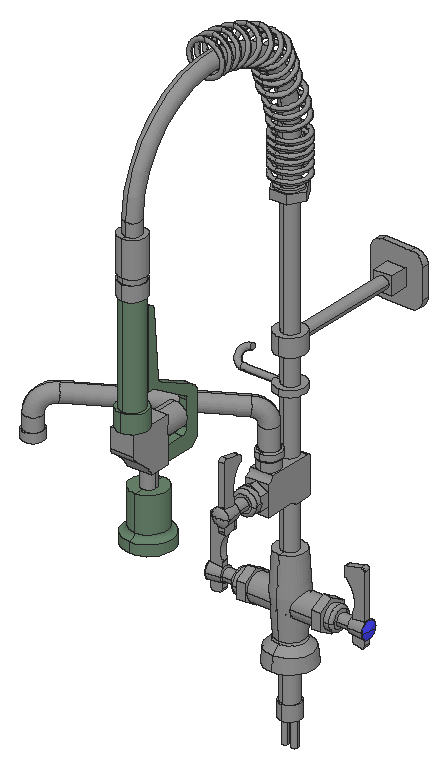
Revit family "Krowne_18-508L_DeckMount_Pre-Rinse_Faucet", category Plumbing Fixtures, Revit 2018
Family settings
  Round Connector Dimension = Use Diameter
  Part Type = Normal
  OmniClass Number = 23.40.40.00
  OmniClass Title = Food Service Equipment and Furnishings
  Work Plane-Based = No
  Always vertical = Yes
  Cut with Voids When Loaded = No
  Shared = No
  Room Calculation Point = No
Parameters (values of type "18-508L")
  Width = 7 1/4"
  Weight in Pounds = 13
  Watermarked By = ""
  URL Cutsheet = ""
  URL = "https://krowne.com/"
  Status [instance] = ""
  Specification by User [instance] = ""
  Specification by Manufacturer [instance] = ""
  Serial Number [instance] = ""
  Revision Code [instance] = ""
  NAFEM Spec ID Number [instance] = ""
  Model = "18-508L"
  Masterspec [instance] = ""
  Manufacturer = "Krowne Metal"
  Item Number [instance] = "-"
  Installed By [instance] = ""
  Hot Water Temperature = 100 °F
  Hot Water Size = 3/8"
  Hot Water RI Height [instance] = 0"
  Hot Water Flow = 1.8 GPM
  Hot Water Connection Height = 0"
  Height = 25 1/4"
  Furnished By [instance] = ""
  Foodservice Equipment Identifier = yes
  Description = "Single Hole Deck Mount Space Saver Pre-Rense (With 8” Spout)"
  Depth = 10"
  Cold Water Size = 3/8"
  Cold Water RI Height [instance] = 0"
  Cold Water Flow = 1.8 GPM
  Cold Water Consumption = ""
  Cold Water Connection Height = 0"
  CSI MasterFormat = ""
  Assembly Code = "E1090300"
Reference planes (in)
  plane 1 "BACK": y = 0
  plane 2: z = 0
  plane 3 "CENTER L/R": x = -12.56573
  plane 4: y = -0.9375
  plane 5: y = -8.5625
  plane 6 "CENTER L/S": x = -10.56573
  plane 7 "CENTER L/T": x = -14.56573
  plane 8 "CENTER L/U": x = -8.94073
  plane 9 "CENTER L/V": x = -16.19073
  plane 10: z = 7.9375
  plane 11: z = 18
  plane 12: z = 25.25
  plane 13: z = 2.25
  plane 14: z = 15.8125
Forms (in)
  Extrusion 1, solid, material "QF_Steel-Chrome-Polished"
    sketch origin (-12.56573, -0.93695, -0.09142) x (0, -1, 0) y (1, 0, 0)
      loop
        circle (0, 0) r 0.34
    from 4.46642 to 18.28793
  Revolve 2, solid, material "QF_Plastic-Hunter Green"
    sketch origin (-12.56573, 4.2975, -5.9625) x (0, -1, 0) y (0, 0, 1)
      loop
        line (13.735, 18.775) -> (14.36, 18.775) -> (14.36, 19.525) -> (14.235, 19.525) -> (14.235, 23.8375) -> (13.735, 23.8375) -> (13.735, 18.775)
      axis (13.735, 18.775) -> (13.735, 23.8375)
    angle from 0 to 360
  Sweep 3, solid, material "QF_Steel-Chrome-Polished"
    path origin (-12.56573, -0.93695, -4.46642) x (0, -1, 0) y (0, 0, 1)
      loop
        line (8.50055, 24.71642) -> (8.50055, 25.26996)
        arc (8.50055, 25.26996) -> (4.30375, 29.51962) -> (0.00188, 25.37634) r 4.25
        arc (0.00188, 25.37634) -> (0.00047, 25.30125) -> (0, 25.22615) r 6
        line (0, 25.22615) -> (0, 22.66293)
    profile origin (-12.56573, -9.4375, 20.52677) x (0, 1, 0) y (-1, 0, 0)
      loop
        circle (0, 0) r 0.33984
  Sweep 4, solid, material "QF_Steel-Chrome-Polished"
    path origin (-12.56573, 8.55153, 20.47393) x (1, 0, 0) y (0, -0.694658, -0.71934)
      loop
        line (-0.03125, 13.66) -> (-2.03125, 13.66)
        arc (-2.03125, 13.66) -> (-2.40625, 13.285) -> (-2.03125, 12.91) r 0.375
    profile origin (-13.59698, -0.9375, 10.64775) x (0, 0.694658, 0.71934) y (0, 0.71934, -0.694658)
      loop
        circle (0, 0) r 0.125
  Sweep 5, solid, material "QF_Steel-Chrome-Polished"
    path origin (-12.56573, -23.0225, -5.9625) x (0, 1, 0) y (0, 0, -1)
      loop
        line (14.46, -16.8375) -> (14.46, -16.0875)
    profile origin (-12.56573, -8.5625, 10.5) x (-1, 0, 0) y (0, -1, 0)
      loop
        circle (0, 0) r 0.3125
  Revolve 6, solid, material "QF_Plastic-Hunter Green"
    sketch origin (-12.56573, -23.0225, -5.9625) x (0, 1, 0) y (0, 0, -1)
      loop
        line (14.46, -16.0875) -> (15.21, -16.0875) -> (15.21, -14.5875)
        arc (15.21, -14.5875) -> (15.28322, -14.41072) -> (15.46, -14.3375) r 0.25
        line (15.46, -14.3375) -> (15.46, -13.9) -> (14.46, -13.9) -> (14.46, -16.0875)
      axis (14.46, -13.9) -> (14.46, -16.0875)
    angle from 0 to 360
  Extrusion 7, solid, material "QF_Plastic-Hunter Green"
    sketch origin (-12.56573, -23.0225, -5.9625) x (0, 1, 0) y (0, 0, -1)
      loop
        arc (15.335, -16.71016) -> (15.02261, -17.01446) -> (15.31861, -17.33473) r 0.3125
        line (15.31861, -17.33473) -> (16.06861, -17.33473)
        arc (16.06861, -17.33473) -> (16.24539, -17.40795) -> (16.31861, -17.58473) r 0.25
        line (16.31861, -17.58473) -> (16.31861, -18.62984)
        arc (16.31861, -18.62984) -> (16.28585, -18.75357) -> (16.19614, -18.84486) r 0.25
        line (16.19614, -18.84486) -> (14.5225, -19.8375) -> (14.2725, -19.8375) -> (14.2725, -23.15)
        arc (14.2725, -23.15) -> (14.44928, -23.07678) -> (14.5225, -22.9) r 0.25
        line (14.5225, -22.9) -> (14.73264, -20.16098)
        arc (14.73264, -20.16098) -> (14.77513, -20.0396) -> (14.87232, -19.9554) r 0.25
        line (14.87232, -19.9554) -> (16.56935, -19.12771)
        arc (16.56935, -19.12771) -> (16.77419, -18.94327) -> (16.85017, -18.67831) r 0.5
        line (16.85017, -18.67831) -> (16.85017, -16.97532) -> (16.585, -16.71016) -> (15.335, -16.71016)
    from -0.17817 to 0.15894
  Revolve 8, solid, material "QF_Steel-Chrome-Polished"
    sketch origin (-12.56573, -23.0225, -5.9625) x (0, 1, 0) y (0, 0, -1)
      loop
        line (14.8975, -18.7125) -> (15.8975, -18.7125) -> (15.8975, -18.4625) -> (16.0225, -18.4625) -> (16.0225, -18.2125) -> (14.8975, -18.2125) -> (14.8975, -18.7125)
      axis (16.0225, -18.2125) -> (14.8975, -18.2125)
    angle from 0 to 360
  Sweep 9, solid, material "QF_Steel-Chrome-Polished"
    path origin (-12.56573, -2.06586, 24.03279) x (0, -0.882948, -0.469472) y (1, 0, 0)
      loop
        circle (0, 0) r 0.72
    profile origin (-11.84573, -2.06586, 24.03279) x (-1, 0, 0) y (0, -0.469472, 0.882948)
      loop
        circle (0, 0) r 0.08178
  Sweep 10, solid, material "QF_Steel-Chrome-Polished"
    path origin (-12.56573, -2.47616, 24.35047) x (0, -0.829038, -0.559193) y (1, 0, 0)
      loop
        circle (0, 0) r 0.72
    profile origin (-11.84573, -2.47616, 24.35047) x (-1, 0, 0) y (0, -0.559193, 0.829038)
      loop
        circle (0, 0) r 0.08178
  Sweep 11, solid, material "QF_Steel-Chrome-Polished"
    path origin (-12.56573, -1.07894, 21.53673) x (0, -0.978148, -0.207912) y (1, 0, 0)
      loop
        circle (0, 0) r 0.72
    profile origin (-11.84573, -1.07894, 21.53673) x (-1, 0, 0) y (0, -0.207912, 0.978148)
      loop
        circle (0, 0) r 0.08178
  Sweep 12, solid, material "QF_Steel-Chrome-Polished"
    path origin (-12.56573, -1.86515, 23.60264) x (0, -0.857167, -0.515038) y (1, 0, 0)
      loop
        circle (0, 0) r 0.72
    profile origin (-11.84573, -1.86515, 23.60264) x (-1, 0, 0) y (0, -0.515038, 0.857167)
      loop
        circle (0, 0) r 0.08178
  Sweep 13, solid, material "QF_Steel-Chrome-Polished"
    path origin (-12.56573, -0.98092, 21.05422) x (0, -0.978148, -0.207912) y (1, 0, 0)
      loop
        circle (0, 0) r 0.72
    profile origin (-11.84573, -0.98092, 21.05422) x (-1, 0, 0) y (0, -0.207912, 0.978148)
      loop
        circle (0, 0) r 0.08178
  Sweep 14, solid, material "QF_Steel-Chrome-Polished"
    path origin (-12.56573, -1.69061, 23.19258) x (0, -0.920505, -0.390731) y (1, 0, 0)
      loop
        circle (0, 0) r 0.72
    profile origin (-11.84573, -1.69061, 23.19258) x (-1, 0, 0) y (0, -0.390731, 0.920505)
      loop
        circle (0, 0) r 0.08178
  Sweep 15, solid, material "QF_Steel-Chrome-Polished"
    path origin (-12.56573, -1.21384, 22.00251) x (0, -0.951057, -0.309017) y (1, 0, 0)
      loop
        circle (0, 0) r 0.72
    profile origin (-11.84573, -1.21384, 22.00251) x (-1, 0, 0) y (0, -0.309017, 0.951057)
      loop
        circle (0, 0) r 0.08178
  Sweep 16, solid, material "QF_Steel-Chrome-Polished"
    path origin (-12.56573, -1.54108, 22.69083) x (0, -0.927184, -0.374607) y (1, 0, 0)
      loop
        circle (0, 0) r 0.72
    profile origin (-11.84573, -1.54108, 22.69083) x (-1, 0, 0) y (0, -0.374607, 0.927184)
      loop
        circle (0, 0) r 0.08178
  Sweep 17, solid, material "QF_Steel-Chrome-Polished"
    path origin (-12.56573, -2.96118, 24.68111) x (0, -0.615661, -0.788011) y (1, 0, 0)
      loop
        circle (0, 0) r 0.72
    profile origin (-11.84573, -2.96118, 24.68111) x (-1, 0, 0) y (0, -0.788011, 0.615661)
      loop
        circle (0, 0) r 0.08178
  Sweep 18, solid, material "QF_Steel-Chrome-Polished"
    path origin (-12.56573, -3.55689, 24.96524) x (0, -0.472815, -0.881162) y (1, 0, 0)
      loop
        circle (0, 0) r 0.72
    profile origin (-11.84573, -3.55689, 24.96524) x (-1, 0, 0) y (0, -0.881162, 0.472815)
      loop
        circle (0, 0) r 0.08178
  Sweep 19, solid, material "QF_Steel-Chrome-Polished"
    path origin (-12.56573, -4.11754, 25.1277) x (0, -0.32915, -0.944278) y (1, 0, 0)
      loop
        circle (0, 0) r 0.72
    profile origin (-11.84573, -4.11754, 25.1277) x (-1, 0, 0) y (0, -0.944278, 0.32915)
      loop
        circle (0, 0) r 0.08178
  Sweep 20, solid, material "QF_Steel-Chrome-Polished"
    path origin (-12.56573, -4.62495, 25.23274) x (0, -0.134719, -0.990884) y (1, 0, 0)
      loop
        circle (0, 0) r 0.72
    profile origin (-11.84573, -4.62495, 25.23274) x (-1, 0, 0) y (0, -0.990884, 0.134719)
      loop
        circle (0, 0) r 0.08178
  Sweep 21, solid, material "QF_Steel-Chrome-Polished"
    path origin (-12.56573, -5.05394, 25.26115) x (0, -0.065271, -0.997868) y (1, 0, 0)
      loop
        circle (0, 0) r 0.72
    profile origin (-11.84573, -5.05394, 25.26115) x (-1, 0, 0) y (0, -0.997868, 0.065271)
      loop
        circle (0, 0) r 0.08178
  Sweep 22, solid, material "QF_Steel-Chrome-Polished"
    path origin (-12.56573, -5.46671, 25.26225) x (0, 0.01069, -0.999943) y (1, 0, 0)
      loop
        circle (0, 0) r 0.72
    profile origin (-11.84573, -5.46671, 25.26225) x (-1, 0, 0) y (0, -0.999943, -0.01069)
      loop
        circle (0, 0) r 0.08178
  Extrusion 23, solid, material "QF_Steel-Chrome-Polished"
    sketch origin (-0.21875, -0.9375, 12.03358) x (0, 1, 0) y (-1, 0, 0)
      loop
        circle (0.00055, 12.34698) r 0.625
      loop
        circle (0.00055, 12.34698) r 0.34
    from 0 to 0.75
  Extrusion 24, solid, material "QF_Steel-Chrome-Polished"
    sketch origin (-0.1875, 5.0625, -4.46642) x (1, 0, 0) y (0, 0, 1)
      loop
        line (-11.75323, 18) -> (-13.00323, 18)
        arc (-13.00323, 18) -> (-13.35678, 17.85355) -> (-13.50323, 17.5) r 0.5
        line (-13.50323, 17.5) -> (-13.50323, 16.25)
        arc (-13.50323, 16.25) -> (-13.35678, 15.89645) -> (-13.00323, 15.75) r 0.5
        line (-13.00323, 15.75) -> (-11.75323, 15.75)
        arc (-11.75323, 15.75) -> (-11.39967, 15.89645) -> (-11.25323, 16.25) r 0.5
        line (-11.25323, 16.25) -> (-11.25323, 17.5)
        arc (-11.25323, 17.5) -> (-11.39967, 17.85355) -> (-11.75323, 18) r 0.5
    from 0 to 0.25
  Extrusion 25, solid, material "QF_Steel-Chrome-Polished"
    sketch origin (-0.1875, 4.8125, -4.46642) x (1, 0, 0) y (0, 0, 1)
      loop
        line (-12.00323, 17.25) -> (-12.75323, 17.25) -> (-12.75323, 16.5) -> (-12.00323, 16.5) -> (-12.00323, 17.25)
    from 0 to 0.75
  Extrusion 26, solid, material "QF_Steel-Chrome-Polished"
    sketch origin (-0.1875, 4.0625, -4.46642) x (1, 0, 0) y (0, 0, 1)
      loop
        circle (-12.37823, 16.875) r 0.25
    from 0 to 4.5
  Extrusion 27, solid, material "QF_Steel-Chrome-Polished"
    sketch origin (-12.59698, 5.53856, -4.6211) x (0, 1, 0) y (0, 0, 1)
      loop
        line (-13.66356, 15.4961) -> (-13.66356, 17.4336) -> (-15.47606, 17.4336) -> (-15.47606, 16.5586)
        arc (-15.47606, 16.5586) -> (-15.44221, 16.43298) -> (-15.34983, 16.34139) r 0.25
        arc (-15.34983, 16.34139) -> (-14.88291, 15.97756) -> (-14.53856, 15.4961) r 2.0625
        line (-14.53856, 15.4961) -> (-13.66356, 15.4961)
    from -0.5 to 0.5
  Revolve 28, solid, material "QF_Steel-Chrome-Polished"
    sketch origin (-12.56573, 4.2975, -5.9625) x (0, -1, 0) y (0, 0, 1)
      loop
        line (13.735, 23.8375) -> (14.2975, 23.8375) -> (14.2975, 24.4625) -> (14.235, 24.4625) -> (14.235, 24.7125) -> (14.2975, 24.7125) -> (14.2975, 26.2125) -> (13.735, 26.2125) -> (13.735, 23.8375)
      axis (13.735, 23.8375) -> (13.735, 26.2125)
    angle from 0 to 360
  Extrusion 29, solid, material "QF_Steel-Chrome-Polished"
    sketch origin (-0.21875, -0.9375, 10.51528) x (0, 1, 0) y (-1, 0, 0)
      loop
        circle (0.00055, 12.34698) r 0.625
      loop
        circle (0.00055, 12.34698) r 0.34
    from 0 to 0.25
  Extrusion 30, solid, material "QF_Steel-Chrome-Polished"
    sketch origin (-12.56573, 0, 1.1875) x (0, 1, 0) y (0, 0, 1)
      loop
        line (-0.5, 5.3125) -> (-0.5, 6.6875)
        arc (-0.5, 6.6875) -> (-0.53661, 6.77589) -> (-0.625, 6.8125) r 0.125
        line (-0.625, 6.8125) -> (-2.5, 6.8125)
        arc (-2.5, 6.8125) -> (-2.57322, 6.63572) -> (-2.75, 6.5625) r 0.25
        line (-2.75, 6.5625) -> (-2.75, 5.3125) -> (-1.4805, 5.3125)
        arc (-1.4805, 5.3125) -> (-1.43984, 5.3057) -> (-1.4036, 5.28605) r 0.125
        line (-1.4036, 5.28605) -> (-1.3112, 5.21395)
        arc (-1.3112, 5.21395) -> (-1.27496, 5.1943) -> (-1.2343, 5.1875) r 0.125
        line (-1.2343, 5.1875) -> (-0.625, 5.1875)
        arc (-0.625, 5.1875) -> (-0.53661, 5.22411) -> (-0.5, 5.3125) r 0.125
    from -0.4629 to 0.51137
  Sweep 31, solid, material "QF_Steel-Chrome-Polished"
    path origin (-11.1074, -0.60406, 1.1875) x (0.707107, 0.707107, 0) y (0, 0, 1)
      loop
        line (-2.0625, 6.8125) -> (-2.0625, 8.47099)
        arc (-2.0625, 8.47099) -> (-2.24597, 8.96246) -> (-2.7066, 9.21348) r 0.75
        line (-2.7066, 9.21348) -> (-9.2066, 10.14053)
        arc (-9.2066, 10.14053) -> (-9.80397, 9.96458) -> (-10.0625, 9.39804) r 0.75
        line (-10.0625, 9.39804) -> (-10.0625, 8.5625)
    profile origin (-12.56581, -2.06246, 8.82925) x (-0.707107, -0.707107, 0) y (0.707107, -0.707107, 0)
      loop
        circle (0, 0) r 0.375
  Extrusion 32, solid, material "QF_Steel-Chrome-Polished"
    sketch origin (-12.56573, -0.4375, 8) x (0, -1, 0) y (1, 0, 0)
      loop
        circle (1.625, 0) r 0.375
      loop
        circle (1.625, 0) r 0.4375
    from 0 to 0.375
  Revolve 33, solid, material "QF_Steel-Chrome-Polished"
    sketch origin (-12.56573, 0, 1.1875) x (0, 1, 0) y (0, 0, 1)
      loop
        line (-1.6875, 7.5625) -> (-1.6875, 7.1875) -> (-1.625, 7.1875) -> (-1.5625, 7.25) -> (-1.5625, 7.5) -> (-1.625, 7.5625) -> (-1.6875, 7.5625)
      axis (-2.0625, 7.1875) -> (-2.0625, 7.5625)
    angle from 0 to 360
  Extrusion 34, solid, material "QF_Steel-Chrome-Polished"
    sketch origin (-18.22281, -7.71946, 9.625) x (-0.707107, -0.707107, 0) y (-0.707107, 0.707107, 0)
      loop
        circle (0, 0) r 0.4375
    from 0 to -0.375
  Extrusion 35, solid, material "QF_Steel-Chrome-Polished"
    sketch origin (-0.1875, -3.375, -0.21074) x (1, 0, 0) y (0, 1, 0)
      loop
        circle (-12.59232, 2.4362) r 0.12406
      loop
        circle (-12.1788, 2.448) r 0.12488
    from -1.91426 to -3.03926
  Extrusion 36, solid, material "QF_Steel-Chrome-Polished"
    sketch origin (-13.46034, -2.75, 17.56068) x (-1, 0, 0) y (0, 0, -1)
      loop
        line (-0.90625, 9.81573) -> (-0.41911, 10.09698) -> (-0.41911, 10.65948) -> (-0.90625, 10.94073) -> (-1.39339, 10.65948) -> (-1.39339, 10.09698) -> (-0.90625, 9.81573)
    from 0 to 0.375
  Revolve 37, solid, material "QF_Steel-Chrome-Polished"
    sketch origin (-13.46034, 1.25, 7.18246) x (-1, 0, 0) y (0, -1, 0)
      loop
        line (-0.90625, 4.375) -> (-0.40625, 4.375) -> (-0.40625, 4.625)
        arc (-0.40625, 4.625) -> (-0.44286, 4.71339) -> (-0.53125, 4.75) r 0.125
        line (-0.53125, 4.75) -> (-0.90625, 4.75) -> (-0.90625, 4.375)
      axis (-0.90625, 4.375) -> (-0.90625, 4.75)
    angle from 0 to 360
  Revolve 38, solid, material "QF_Steel-Chrome-Polished"
    sketch origin (-13.46034, 1.25, 7.18246) x (-1, 0, 0) y (0, -1, 0)
      loop
        line (-0.90625, 4.75) -> (-0.65625, 4.75) -> (-0.65625, 5.3125) -> (-0.90625, 5.3125) -> (-0.90625, 4.75)
      axis (-0.90625, 4.75) -> (-0.90625, 5.3125)
    angle from 0 to 360
  Revolve 39, solid, material "QF_Steel-Chrome-Polished"
    sketch origin (-13.46034, 1.25, 7.18246) x (-1, 0, 0) y (0, -1, 0)
      loop
        line (-0.90625, 5.3125) -> (-0.59375, 5.3125) -> (-0.53125, 5.9375) -> (-0.90625, 5.9375) -> (-0.90625, 5.3125)
      axis (-0.90625, 5.3125) -> (-0.90625, 5.9375)
    angle from 0 to 360
  Revolve 40, solid, material "QF_Steel-Chrome-Polished"
    sketch origin (-13.46034, 1.25, 7.18246) x (-1, 0, 0) y (0, -1, 0)
      loop
        line (-0.90625, 5.9375) -> (-0.53125, 5.9375)
        arc (-0.53125, 5.9375) -> (-0.70704, 6.03513) -> (-0.90625, 6.0625) r 0.54601
        line (-0.90625, 6.0625) -> (-0.90625, 5.9375)
      axis (-0.90625, 5.9375) -> (-0.90625, 6.0625)
    angle from 0 to 360
  Extrusion 41, solid, material "QF_Steel-Chrome-Polished"
    sketch origin (-12.55409, 1.25, 19.56068) x (0, 0, 1) y (0, -1, 0)
      loop
        line (-10.29934, 5.875) -> (-12.97575, 5.875)
        arc (-12.97575, 5.875) -> (-13.07242, 5.82925) -> (-13.09832, 5.72549) r 0.125
        line (-13.09832, 5.72549) -> (-13.04825, 5.47511)
        arc (-13.04825, 5.47511) -> (-13.00493, 5.40295) -> (-12.92568, 5.37462) r 0.125
        line (-12.92568, 5.37462) -> (-11.89247, 5.37462)
        arc (-11.89247, 5.37462) -> (-11.871, 5.37648) -> (-11.85017, 5.38199) r 0.125
        arc (-11.85017, 5.38199) -> (-11.17151, 5.40979) -> (-10.59879, 5.04462) r 1.13354
        arc (-10.59879, 5.04462) -> (-10.55588, 5.01173) -> (-10.5031, 5.00004) r 0.125
        line (-10.5031, 5.00004) -> (-10.42432, 5.00004)
        arc (-10.42432, 5.00004) -> (-10.34507, 5.02837) -> (-10.30175, 5.10053) r 0.125
        line (-10.30175, 5.10053) -> (-10.17676, 5.72549)
        arc (-10.17676, 5.72549) -> (-10.20267, 5.82925) -> (-10.29934, 5.875) r 0.125
    from -0.125 to 0.125
  Revolve 42, solid, material "QF_Steel-Chrome-Polished"
    sketch origin (-12.56573, 0.1875, 0) x (0, 1, 0) y (0, 0, 1)
      loop
        line (-1.125, 0) -> (-0.125, 0) -> (-0.18466, 0.60399) -> (-0.49693, 0.91626)
        arc (-0.49693, 0.91626) -> (-0.5271, 0.96505) -> (-0.5323, 1.02217) r 0.125
        arc (-0.5323, 1.02217) -> (-0.40613, 2.69753) -> (-0.5, 4.375) r 12.82782
        line (-0.5, 4.375) -> (-1.125, 4.375) -> (-1.125, 0)
      axis (-1.125, 0) -> (-1.125, 4.375)
    angle from 0 to 360
  Extrusion 43, solid, material "QF_Steel-Chrome-Polished"
    sketch origin (-12.87823, 0.1875, -0.125) x (0, 1, 0) y (0, 0, 1)
      loop
        circle (-1.125, 2.5) r 0.5625
    from 0 to 1.75
  Revolve 44, solid, material "QF_Steel-Chrome-Polished"
    sketch origin (-12.56573, 0.1875, 0) x (0, 1, 0) y (0, 0, 1)
      loop
        line (-1.125, 0) -> (-1.125, -2.125) -> (-0.6875, -2.125) -> (-0.6875, -1.5) -> (-0.75, -1.5) -> (-0.75, 0) -> (-1.125, 0)
      axis (-1.125, 0) -> (-1.125, -2.125)
    angle from 0 to 360
  Extrusion 45, solid, material "QF_Steel-Chrome-Polished"
    sketch origin (-11.12823, -0.03125, 10.75323) x (0, 1, 0) y (0, 0, 1)
      loop
        line (-0.90625, -7.67139) -> (-1.51839, -8.02481) -> (-1.51839, -8.73164) -> (-0.90625, -9.08506) -> (-0.29411, -8.73164) -> (-0.29411, -8.02481) -> (-0.90625, -7.67139)
    from 0 to 0.375
  Revolve 46, solid, material "QF_Steel-Chrome-Polished"
    sketch origin (-15.12823, -0.03125, 2.375) x (0, 1, 0) y (-1, 0, 0)
      loop
        line (-0.90625, -4.375) -> (-0.90625, -4.75) -> (-0.53125, -4.75)
        arc (-0.53125, -4.75) -> (-0.44286, -4.71339) -> (-0.40625, -4.625) r 0.125
        line (-0.40625, -4.625) -> (-0.40625, -4.375) -> (-0.90625, -4.375)
      axis (-0.90625, -4.375) -> (-0.90625, -4.75)
    angle from 0 to 360
  Revolve 47, solid, material "QF_Steel-Chrome-Polished"
    sketch origin (-15.12823, -0.03125, 2.375) x (0, 1, 0) y (-1, 0, 0)
      loop
        line (-0.90625, -4.75) -> (-0.90625, -5.3125) -> (-0.65625, -5.3125) -> (-0.65625, -4.75) -> (-0.90625, -4.75)
      axis (-0.90625, -4.75) -> (-0.90625, -5.3125)
    angle from 0 to 360
  Revolve 48, solid, material "QF_Steel-Chrome-Polished"
    sketch origin (-15.12823, -0.03125, 2.375) x (0, 1, 0) y (-1, 0, 0)
      loop
        line (-0.90625, -5.3125) -> (-0.90625, -5.9375) -> (-0.53125, -5.9375) -> (-0.59375, -5.3125) -> (-0.90625, -5.3125)
      axis (-0.90625, -5.3125) -> (-0.90625, -5.9375)
    angle from 0 to 360
  Revolve 49, solid, material "QF_Plastic-Blue"
    sketch origin (-15.12823, -0.03125, 2.375) x (0, 1, 0) y (-1, 0, 0)
      loop
        line (-0.90625, -5.9375) -> (-0.90625, -6.0625)
        arc (-0.90625, -6.0625) -> (-0.70704, -6.03513) -> (-0.53125, -5.9375) r 0.54601
        line (-0.53125, -5.9375) -> (-0.90625, -5.9375)
      axis (-0.90625, -5.9375) -> (-0.90625, -6.0625)
    angle from 0 to 360
  Extrusion 50, solid, material "QF_Steel-Chrome-Polished"
    sketch origin (-15.12823, -0.9375, 10.75323) x (0, 0, 1) y (-1, 0, 0)
      loop
        arc (-6.12823, -5.875) -> (-6.03156, -5.82925) -> (-6.00565, -5.72549) r 0.125
        line (-6.00565, -5.72549) -> (-6.13064, -5.10053)
        arc (-6.13064, -5.10053) -> (-6.17396, -5.02837) -> (-6.25321, -5.00004) r 0.125
        line (-6.25321, -5.00004) -> (-6.5031, -5.00004)
        arc (-6.5031, -5.00004) -> (-6.55588, -5.01173) -> (-6.59879, -5.04462) r 0.125
        arc (-6.59879, -5.04462) -> (-7.17151, -5.40979) -> (-7.85017, -5.38199) r 1.13354
        arc (-7.85017, -5.38199) -> (-7.871, -5.37648) -> (-7.89247, -5.37462) r 0.125
        line (-7.89247, -5.37462) -> (-8.92568, -5.37462)
        arc (-8.92568, -5.37462) -> (-9.00493, -5.40295) -> (-9.04825, -5.47511) r 0.125
        line (-9.04825, -5.47511) -> (-9.09832, -5.72549)
        arc (-9.09832, -5.72549) -> (-9.07242, -5.82925) -> (-8.97575, -5.875) r 0.125
        line (-8.97575, -5.875) -> (-6.12823, -5.875)
    from -0.125 to 0.125
  Extrusion 51, solid, material "QF_Steel-Chrome-Polished"
    sketch origin (-12.25323, 0.1875, -0.125) x (0, 1, 0) y (0, 0, -1)
      loop
        circle (-1.125, -2.5) r 0.5625
    from 0 to 1.75
  Extrusion 52, solid, material "QF_Steel-Chrome-Polished"
    sketch origin (-14.00323, -0.03125, 10.75323) x (0, 1, 0) y (0, 0, -1)
      loop
        line (-0.90625, 7.67139) -> (-0.29411, 8.02481) -> (-0.29411, 8.73164) -> (-0.90625, 9.08506) -> (-1.51839, 8.73164) -> (-1.51839, 8.02481) -> (-0.90625, 7.67139)
    from 0 to 0.375
  Revolve 53, solid, material "QF_Steel-Chrome-Polished"
    sketch origin (-10.00323, -0.03125, 2.375) x (0, 1, 0) y (-1, 0, 0)
      loop
        line (-0.90625, 4.375) -> (-0.40625, 4.375) -> (-0.40625, 4.625)
        arc (-0.40625, 4.625) -> (-0.44286, 4.71339) -> (-0.53125, 4.75) r 0.125
        line (-0.53125, 4.75) -> (-0.90625, 4.75) -> (-0.90625, 4.375)
      axis (-0.90625, 4.375) -> (-0.90625, 4.75)
    angle from 0 to 360
  Revolve 54, solid, material "QF_Steel-Chrome-Polished"
    sketch origin (-10.00323, -0.03125, 2.375) x (0, 1, 0) y (-1, 0, 0)
      loop
        line (-0.90625, 4.75) -> (-0.65625, 4.75) -> (-0.65625, 5.3125) -> (-0.90625, 5.3125) -> (-0.90625, 4.75)
      axis (-0.90625, 4.75) -> (-0.90625, 5.3125)
    angle from 0 to 360
  Revolve 55, solid, material "QF_Steel-Chrome-Polished"
    sketch origin (-10.00323, -0.03125, 2.375) x (0, 1, 0) y (-1, 0, 0)
      loop
        line (-0.90625, 5.3125) -> (-0.59375, 5.3125) -> (-0.53125, 5.9375) -> (-0.90625, 5.9375) -> (-0.90625, 5.3125)
      axis (-0.90625, 5.3125) -> (-0.90625, 5.9375)
    angle from 0 to 360
  Revolve 56, solid, material "QF_Plastic-Red"
    sketch origin (-10.00323, -0.03125, 2.375) x (0, 1, 0) y (-1, 0, 0)
      loop
        line (-0.90625, 5.9375) -> (-0.53125, 5.9375)
        arc (-0.53125, 5.9375) -> (-0.70704, 6.03513) -> (-0.90625, 6.0625) r 0.54601
        line (-0.90625, 6.0625) -> (-0.90625, 5.9375)
      axis (-0.90625, 5.9375) -> (-0.90625, 6.0625)
    angle from 0 to 360
  Extrusion 57, solid, material "QF_Steel-Chrome-Polished"
    sketch origin (-10.00323, -0.9375, 10.75323) x (0, 0, 1) y (-1, 0, 0)
      loop
        line (-6.12823, 5.875) -> (-8.97575, 5.875)
        arc (-8.97575, 5.875) -> (-9.07242, 5.82925) -> (-9.09832, 5.72549) r 0.125
        line (-9.09832, 5.72549) -> (-9.04825, 5.47511)
        arc (-9.04825, 5.47511) -> (-9.00493, 5.40295) -> (-8.92568, 5.37462) r 0.125
        line (-8.92568, 5.37462) -> (-7.89247, 5.37462)
        arc (-7.89247, 5.37462) -> (-7.871, 5.37648) -> (-7.85017, 5.38199) r 0.125
        arc (-7.85017, 5.38199) -> (-7.17151, 5.40979) -> (-6.59879, 5.04462) r 1.13354
        arc (-6.59879, 5.04462) -> (-6.55588, 5.01173) -> (-6.5031, 5.00004) r 0.125
        line (-6.5031, 5.00004) -> (-6.25321, 5.00004)
        arc (-6.25321, 5.00004) -> (-6.17396, 5.02837) -> (-6.13064, 5.10053) r 0.125
        line (-6.13064, 5.10053) -> (-6.00565, 5.72549)
        arc (-6.00565, 5.72549) -> (-6.03156, 5.82925) -> (-6.12823, 5.875) r 0.125
    from -0.125 to 0.125
  Sweep 58, solid, material "QF_Steel-Chrome-Polished"
    path origin (-12.56573, -0.93695, 18.84886) x (0, -1, 0) y (1, 0, 0)
      loop
        circle (0, 0) r 0.72
    profile origin (-11.84573, -0.93695, 18.84886) x (-1, 0, 0) y (0, 0, 1)
      loop
        circle (0, 0) r 0.08178
  Sweep 59, solid, material "QF_Steel-Chrome-Polished"
    path origin (-12.56573, -0.93695, 19.59886) x (0, -1, 0) y (1, 0, 0)
      loop
        circle (0, 0) r 0.72
    profile origin (-11.84573, -0.93695, 19.59886) x (-1, 0, 0) y (0, 0, 1)
      loop
        circle (0, 0) r 0.08178
  Sweep 60, solid, material "QF_Steel-Chrome-Polished"
    path origin (-12.56573, -0.93695, 20.16136) x (0, -1, 0) y (1, 0, 0)
      loop
        circle (0, 0) r 0.72
    profile origin (-11.84573, -0.93695, 20.16136) x (-1, 0, 0) y (0, 0, 1)
      loop
        circle (0, 0) r 0.08178
  Sweep 61, solid, material "QF_Steel-Chrome-Polished"
    path origin (-12.56573, -0.93695, 19.23623) x (0, -1, 0) y (1, 0, 0)
      loop
        circle (0, 0) r 0.72
    profile origin (-11.84573, -0.93695, 19.23623) x (-1, 0, 0) y (0, 0, 1)
      loop
        circle (0, 0) r 0.08178
  Sweep 62, solid, material "QF_Steel-Chrome-Polished"
    path origin (-12.56573, -0.93695, 19.86123) x (0, -1, 0) y (1, 0, 0)
      loop
        circle (0, 0) r 0.72
    profile origin (-11.84573, -0.93695, 19.86123) x (-1, 0, 0) y (0, 0, 1)
      loop
        circle (0, 0) r 0.08178
  Sweep 63, solid, material "QF_Steel-Chrome-Polished"
    path origin (-12.56573, -0.93695, 20.42373) x (0, -1, 0) y (1, 0, 0)
      loop
        circle (0, 0) r 0.72
    profile origin (-11.84573, -0.93695, 20.42373) x (-1, 0, 0) y (0, 0, 1)
      loop
        circle (0, 0) r 0.08178
  Extrusion 64, solid, material "QF_Steel-Chrome-Polished"
    sketch origin (0, 0, 18) x (0, 1, 0) y (-1, 0, 0)
      loop
        line (-0.9375, 11.84174) -> (-0.31051, 12.20373) -> (-0.31051, 12.92772) -> (-0.9375, 13.28971) -> (-1.56449, 12.92772) -> (-1.56449, 12.20373) -> (-0.9375, 11.84174)
    from 0 to 0.375
  Revolve 65, solid, material "QF_Steel-Chrome-Polished"
    sketch origin (-12.59698, 0, 16) x (0, 1, 0) y (0, 0, 1)
      loop
        line (-0.9375, 2.375) -> (-0.37, 2.375) -> (-0.37, 2.45122) -> (-0.5625, 2.45122) -> (-0.5625, 3.49121) -> (-0.9375, 3.49121) -> (-0.9375, 2.375)
      loop
        line (-0.5625, 4.891) -> (-0.9375, 4.891) -> (-0.9375, 4.29742) -> (-0.5625, 4.29742) -> (-0.5625, 4.891)
      axis (-0.9375, 2.375) -> (-0.9375, 4.891)
    angle from 0 to 360
  Extrusion 66, solid, material "QF_Steel-Chrome-Polished"
    sketch origin (0, 0, 19.76372) x (0, 1, 0) y (-1, 0, 0)
      loop
        line (-0.9375, 12.05825) -> (-0.49801, 12.31199) -> (-0.49801, 12.81946) -> (-0.9375, 13.0732) -> (-1.37699, 12.81946) -> (-1.37699, 12.31199) -> (-0.9375, 12.05825)
    from -0.27251 to 0.54256
Cuts and joins
  joined: Extrusion 1, Extrusion 30
  joined: Sweep 31, Extrusion 34
Lines and regions (in)
  symbolic lines
    curve 1: arc (-12.94073, -0.9375, 0) -> (-12.83089, -0.67233, 0) -> (-12.56573, -0.5625, 0) r 0.375
    curve 2: arc (-12.56573, -0.5625, 0) -> (-12.30056, -0.67233, 0) -> (-12.19073, -0.9375, 0) r 0.375
    curve 3: line (-12.94073, -0.9375, 0) -> (-12.94073, -9.46144, 0)
    curve 4: arc (-12.94073, -9.46144, 0) -> (-12.56573, -9.83644, 0) -> (-12.19073, -9.46144, 0) r 0.375
    curve 6: line (-13.36339, -1.09937, 0) -> (-11.73911, -1.09937, 0)
    curve 7: line (-13.36339, -1.31238, 0) -> (-11.73911, -1.31238, 0)
    curve 8: line (-13.36339, -1.56238, 0) -> (-11.73911, -1.56238, 0)
    curve 9: line (-13.36339, -1.81238, 0) -> (-11.73911, -1.81238, 0)
    curve 10: line (-13.36339, -2.06238, 0) -> (-11.73911, -2.06238, 0)
    curve 11: line (-13.36339, -2.31238, 0) -> (-11.73911, -2.31238, 0)
    curve 12: line (-13.36339, -2.56238, 0) -> (-11.73911, -2.56238, 0)
    curve 13: line (-13.36339, -2.81238, 0) -> (-11.73911, -2.81238, 0)
    curve 14: line (-13.36339, -3.06238, 0) -> (-11.73911, -3.06238, 0)
    curve 15: line (-13.36339, -3.81238, 0) -> (-11.73911, -3.81238, 0)
    curve 16: line (-13.36339, -5.06238, 0) -> (-11.73911, -5.06238, 0)
    curve 17: line (-13.36339, -5.69647, 0) -> (-11.73911, -5.69647, 0)
    curve 18: line (-13.36339, -8.53336, 0) -> (-11.73911, -8.53336, 0)
    curve 19: line (-11.44073, 5.0625, 0) -> (-13.69073, 5.0625, 0)
    curve 20: line (-13.69073, 4.8125, 0) -> (-11.44073, 4.8125, 0)
    curve 21: line (-12.19073, 4.0625, 0) -> (-12.19073, 4.8125, 0)
    curve 22: line (-12.94073, 4.0625, 0) -> (-12.19073, 4.0625, 0)
    curve 23: line (-12.94073, 4.8125, 0) -> (-12.94073, 4.0625, 0)
    curve 24: line (-12.31405, 4.0625, 0) -> (-12.31405, -0.6595, 0)
    curve 25: line (-12.8135, 4.0625, 0) -> (-12.8135, -0.65601, 0)
    curve 26: line (-11.44073, 4.8125, 0) -> (-11.44073, 5.0625, 0)
    curve 27: line (-13.69073, 4.8125, 0) -> (-13.69073, 5.0625, 0)
    curve 28: line (-12.06573, -7.125, 0) -> (-12.19073, -7.125, 0)
    curve 29: line (-12.06573, -7.125, 0) -> (-12.06573, -8.125, 0)
    curve 30: line (-12.06573, -8.125, 0) -> (-12.19073, -8.125, 0)
    curve 31: line (-12.09698, -8.125, 0) -> (-12.09698, -9.0241, 0)
    curve 32: arc (-12.19073, -8.9375, 0) -> (-12.56573, -10.0625, 0) -> (-12.94073, -8.9375, 0) r 0.625
    curve 33: arc (-12.19073, -9.01824, 0) -> (-12.56573, -10, 0) -> (-12.94073, -9.01824, 0) r 0.5625
    curve 34: line (-13.06573, -7.125, 0) -> (-12.94073, -7.125, 0)
    curve 35: line (-13.06573, -7.125, 0) -> (-13.06573, -8.125, 0)
    curve 36: line (-13.06573, -8.125, 0) -> (-12.94073, -8.125, 0)
    curve 37: line (-13.03448, -8.125, 0) -> (-13.03448, -9.0241, 0)
    curve 38: arc (-12.06573, -7.69647, 0) -> (-11.56829, -8.49089, 0) -> (-11.94714, -9.34821, 0) r 1
    curve 39: arc (-12.06573, -8.00348, 0) -> (-11.81592, -8.54545, 0) -> (-12.04083, -9.09821, 0) r 0.75
    curve 40: arc (-13.06573, -7.69647, 0) -> (-13.56316, -8.49089, 0) -> (-13.18431, -9.34821, 0) r 1
    curve 41: arc (-13.06573, -8.00348, 0) -> (-13.31553, -8.54545, 0) -> (-13.09062, -9.09821, 0) r 0.75
    curve 42: line (-11.12823, -1.51029, 0) -> (-12.19073, -1.51029, 0)
    curve 43: line (-11.12823, -0.375, 0) -> (-12.31405, -0.375, 0)
    curve 44: line (-18.47238, -7.47292, 0) -> (-12.94073, -1.94127, 0)
    curve 45: line (-17.96576, -7.97953, 0) -> (-12.94073, -2.9545, 0)
    curve 46: arc (-17.96576, -7.97953, 0) -> (-18.47238, -7.97953, 0) -> (-18.47238, -7.47292, 0) r 0.35823
    curve 47: arc (-18.27129, -7.27184, 0) -> (-18.57364, -7.99561, 0) -> (-17.80862, -7.8224, 0) r 0.44129
    curve 48: line (-11.12823, -1.51029, 0) -> (-11.12823, -0.375, 0)
    curve 49: line (-10.75323, -0.4375, 0) -> (-10.75323, -1.4375, 0)
    curve 50: line (-10.37823, -0.4375, 0) -> (-10.37823, -1.4375, 0)
    curve 51: line (-9.25323, -0.8125, 0) -> (-10.12819, -0.8125, 0)
    curve 52: line (-10.12819, -1.0625, 0) -> (-9.25323, -1.0625, 0)
    curve 53: line (-9.81573, -0.625, 0) -> (-9.81573, -1.25, 0)
    curve 54: line (-9.19073, -0.5625, 0) -> (-9.19073, -1.3125, 0)
    curve 55: line (-9.81573, -0.625, 0) -> (-9.19073, -0.5625, 0)
    curve 56: line (-9.81573, -1.25, 0) -> (-9.19073, -1.3125, 0)
    curve 57: arc (-9.19073, -1.3125, 0) -> (-8.93287, -0.9375, 0) -> (-9.19073, -0.5625, 0) r 0.40161
    curve 58: line (-9.25323, -0.8125, 0) -> (-9.25323, -1.0625, 0)
    curve 59: line (-10.12819, -0.8125, 0) -> (-10.12819, -1.0625, 0)
    curve 60: line (-10.37823, -0.6875, 0) -> (-9.81573, -0.6875, 0)
    curve 61: line (-10.37823, -1.1875, 0) -> (-9.81573, -1.1875, 0)
    curve 62: line (-11.12823, -1.4375, 0) -> (-10.37823, -1.4375, 0)
    curve 63: line (-11.12823, -0.4375, 0) -> (-10.37823, -0.4375, 0)
    curve 64: line (-14.00323, -1.51029, 0) -> (-12.94073, -1.51029, 0)
    curve 65: line (-14.00323, -0.375, 0) -> (-12.8135, -0.375, 0)
    curve 66: line (-14.00323, -1.51029, 0) -> (-14.00323, -0.375, 0)
    curve 67: line (-14.37823, -0.4375, 0) -> (-14.37823, -1.4375, 0)
    curve 68: line (-14.75323, -0.4375, 0) -> (-14.75323, -1.4375, 0)
    curve 69: line (-15.87823, -0.8125, 0) -> (-15.00327, -0.8125, 0)
    curve 70: line (-15.00327, -1.0625, 0) -> (-15.87823, -1.0625, 0)
    curve 71: line (-15.31573, -0.625, 0) -> (-15.31573, -1.25, 0)
    curve 72: line (-15.94073, -0.5625, 0) -> (-15.94073, -1.3125, 0)
    curve 73: line (-15.31573, -0.625, 0) -> (-15.94073, -0.5625, 0)
    curve 74: line (-15.31573, -1.25, 0) -> (-15.94073, -1.3125, 0)
    curve 75: arc (-15.94073, -1.3125, 0) -> (-16.19858, -0.9375, 0) -> (-15.94073, -0.5625, 0) r 0.40161
    curve 76: line (-15.87823, -0.8125, 0) -> (-15.87823, -1.0625, 0)
    curve 77: line (-15.00327, -0.8125, 0) -> (-15.00327, -1.0625, 0)
    curve 78: line (-14.75323, -0.6875, 0) -> (-15.31573, -0.6875, 0)
    curve 79: line (-14.75323, -1.1875, 0) -> (-15.31573, -1.1875, 0)
    curve 80: line (-14.00323, -1.4375, 0) -> (-14.75323, -1.4375, 0)
    curve 81: line (-14.00323, -0.4375, 0) -> (-14.75323, -0.4375, 0)
    curve 82: line (-12.94073, -0.9375, 0) -> (-14.69073, -0.9375, 0)
    curve 83: arc (-14.69073, -0.9375, 0) -> (-14.94073, -0.6875, 0) -> (-14.69073, -0.4375, 0) r 0.25
  symbolic lines, style "PlumbingFixtures"
    curve 5: line (-12.19073, -0.9375, 0) -> (-12.19073, -9.46144, 0)
Dimensions and locks (in)
  plane 4 to plane 1 "BACK" = 15/16"
  plane 5 to plane 4 = 7 5/8"
  plane 8 "CENTER L/U" to plane 9 "CENTER L/V" = 7 1/4"
  plane 10 to level = 7 15/16"  (x2)
  plane 11 to level = 18"
  plane 12 to level = 25 1/4"  (x2)
  Extrusion 24 to plane 4 = 6"
  plane 4 to plane 5 = 7 5/8"
  plane 11 to plane 10 = 10 1/16"
  Extrusion 34 to level = 9 5/8"  (x2)
  plane 1 "BACK" to Extrusion 27 = 9 15/16"
  plane 13 to level = 2 1/4"
  plane 10 to plane 13 = 5 11/16"
  plane 9 "CENTER L/V" to plane 8 "CENTER L/U" = 7 1/4"
  aligned and locked: level to plane 2
  aligned and locked: Extrusion 36 to Revolve 37 sketch curve
  aligned and locked: Revolve 39 sketch curve to Revolve 39 sketch curve
  aligned and locked: Revolve 46 sketch curve to Extrusion 45
  aligned and locked: Revolve 48 sketch curve to Revolve 48 sketch curve
  aligned and locked: Extrusion 52 to Revolve 53 sketch curve
  aligned and locked: Revolve 55 sketch curve to Revolve 55 sketch curve
Connectors (in)
  piping at (-12.3663, -0.927, -3.25), diameter 0.375, driven by "Cold Water Size", driven by "Cold Water Flow"
    settings: on Extrusion 35, index 1, connector inside diameter 24", connector length 0", flow factor 0, pipe flow 1.8 GPM, pressure drop 0.00 psi, fitting loss kfactor 0, connector angle 0.00°, fixture units 0, engagement length 0", angle of deflection 0.00°, flow configuration 0, flow direction 0, fitting loss method 0, system type 20, joint type 0, gender type 0, connector reference index -1, connector utility 0, adjustable connector no, is connector primary yes, connector description ""
  piping at (-12.77982, -0.9388, -3.25), diameter 0.375, driven by "Hot Water Size", driven by "Cold Water Flow"
    settings: on Extrusion 35, index 2, connector inside diameter 24", connector length 0", flow factor 0, pipe flow 1.8 GPM, pressure drop 0.00 psi, fitting loss kfactor 0, connector angle 0.00°, fixture units 0, engagement length 0", angle of deflection 0.00°, flow configuration 0, flow direction 0, fitting loss method 0, system type 19, joint type 0, gender type 0, connector reference index -1, connector utility 0, adjustable connector no, is connector primary no, connector description ""
